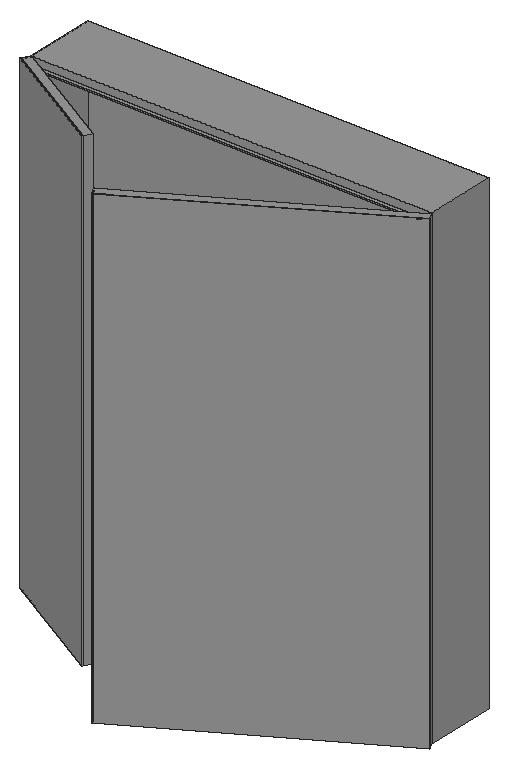
Revit family "Hager-Univers-IP44-D161-Cl.II-FWB-encl--NoHosted-DE-de", category Equipement électrique, Revit 2020
Family settings
  Configuration du panneau = Deux colonnes, circuits au sein
  Cote de connecteur circulaire = Utiliser le diamètre
  Type d'élément = Tableau de raccordement
  Basée sur le plan de construction = Oui
  Toujours verticalement = Oui
  Couper avec des vides une fois chargée = Non
  Partagée = Non
  Point de calcul de pièce = Non
Parameters (values of type "Aufputz IP44 B800 H950 T161  - FWB63D")
  Width Control [instance] = if([EF000008 - Breite] > Min Width, [EF000008 - Breite], Min Width)  # 800 mm
  Commentaires du type = [HG000003 - Bereich]  # "Univers"
  Thickness Door [instance] = if([EF009171 - Materialstärke Tür/Deckel] > 3 mm, 3 mm, [EF009171 - Materialstärke Tür/Deckel])  # 1 mm
  Seal Frame Offset [instance] = 17 mm  # constant formula
  Plinth Visibility [instance] = [HG000027 - Sockelhöhe] > 0 mm  # no
  Min Width [instance] = 100 mm  # constant formula
  Min Depth [instance] = (2 * [EF009170 - Materialstärke Gehäuse]) + 1 mm  # 3 mm
  Min Height [instance] = 100 mm  # constant formula
  Internal Frame Depth [instance] = (Door System Depth * 0.5)  # 9 mm
  Panel Name [instance] = ""  # (empty or 0)
  Model = ""
  HG000027 - Sockelhöhe = 0 mm
  HG000026 - Stehend auf dem Boden = no
  HG000024 - Höhe des unteren Teils = 600 mm
  HG000023 - Gehäuse mit doppeltem Querschnitt = no
  HG000016 - 3D-Türsichtbarkeit [instance] = yes
  HG000015 - Sichtbarkeit der Türöffnung [instance] = no
  HG000014 - Tür rechts [instance] = yes
  HG000013 - Tür links [instance] = not([HG000014 - Tür rechts])  # no
  HG000012 - Türschwenkwinkel [instance] = 30.00°
  HG000010 - Asymmetrische Türen = yes
  HG000009 - Doppelflügeligen Tür = yes
  HG000006 - Unterputz = no
  HG000004 - Herstellerreferenz = "FWB63D"
  HG000003 - Bereich = "Univers"
  HG000002 - Mit tür = yes
  Frame Offset Bottom [instance] = 10 mm  # constant formula
  Frame Offset [instance] = 15 mm  # constant formula
  EF015940 - Deckel mit Überdruckentlastung = no
  EF011959 - Schutzart (NEMA) = ""
  EF009554 - Anzahl der Öffnungen für Flanschplatten = 6
  EF009212 - Ausführung Deckel = "EV000116 - geschlossen"
  EF009171 - Materialstärke Tür/Deckel = 1 mm
  EF009170 - Materialstärke Gehäuse = 1 mm
  EF008873 - Nennstrom (In) = 125 A
  EF007800 - Geeignet für Blitzschutz = no
  EF006306 - Mit Schloss = no
  EF006244 - Transparenter Deckel/Tür = no
  EF005474 - Schutzart (IP) = "EV006418 - IP44"
  EF004464 - Art der Tür = "EV000494 - ohne"
  EF004427 - Anzahl der Module = 216
  EF004293 - Schlagfestigkeit = "EV006815 - IK09"
  EF003532 - Geeignet für Außengebrauch = no
  EF002950 - Breite in Teilungseinheiten = 12
  EF001613 - Funktionserhalt = "EV000494 - ohne"
  EF001596 - Werkstoff des Gehäuses = "EV000179 - Stahl"
  EF001131 - Innentiefe = 156 mm
  EF001088 - Anbaumöglichkeit = yes
  EF000437 - Anzahl der Leitungseinführungen = 12
  EF000339 - Art der Abdeckung = "EV004216 - Tür"
  EF000266 - Anzahl der Reihen = 0
  EF000218 - Einbautiefe = 0 mm
  EF000118 - Mit Montageplatte = no
  EF000116 - RAL-Nummer = "9010"
  EF000049 - Tiefe = 161 mm
  EF000040 - Höhe = 950 mm
  EF000008 - Breite = 800 mm
  EF000007 - Farbe = "EV000202 - weiß"
  EF000003 - Montageart = "EV000384 - Aufputz"
  Door System Leaf Tolerance [instance] = 1.5 mm  # constant formula
  Door System Depth [instance] = 18 mm  # constant formula
  Door Height [instance] = Height Control - [HG000027 - Sockelhöhe]  # 950 mm
  Description = ""
  Default Elevation = 1219.2 mm
  Connector Offset [instance] = Height Control / 2  # 475 mm
  Fabricant = "Hager"  # constant formula
  Height Control [instance] = if([EF000040 - Höhe] > Min Height, [EF000040 - Höhe], Min Height)  # 950 mm
  Depth Control [instance] = if([EF000049 - Tiefe] > Min Depth, [EF000049 - Tiefe], Min Depth)  # 161 mm
  Bottom Top Plate Trim [instance] = 1.5 mm  # constant formula
  Plinth height Ctrl [instance] = if([HG000027 - Sockelhöhe] > 0 mm, [HG000027 - Sockelhöhe], 12 mm)  # 12 mm
Types (21, lengths in mm): name | Width Control | Thickness Door | Min Depth | HG000010 - Asymmetrische Türen | HG000009 - Doppelflügeligen Tür | HG000004 - Herstellerreferenz | HG000002 - Mit tür | EF009554 - Anzahl der Öffnungen für Flanschplatten | EF009212 - Ausführung Deckel | EF009171 - Materialstärke Tür/Deckel | EF009170 - Materialstärke Gehäuse | EF004464 - Art der Tür | EF004427 - Anzahl der Module | EF001131 - Innentiefe | EF000437 - Anzahl der Leitungseinführungen | EF000339 - Art der Abdeckung | EF000266 - Anzahl der Reihen | EF000040 - Höhe | EF000008 - Breite | Door Height | Connector Offset | Height Control
  Aufputz IP44 B1050 H1100 T161  - FWB74D | 1050 | 1 | 3 | no | yes | "FWB74D" | yes | 8 | "EV000116 - geschlossen" | 1 | 1 | "EV000494 - ohne" | 336 | 160 | 16 | "EV000494 - ohne" | 0 | 1100 | 1050 | 1100 | 550 | 1100
  Aufputz IP44 B1050 H500 T161  - FWB34D | 1050 | 1 | 3 | no | yes | "FWB34D" | yes | 8 | "EV000116 - geschlossen" | 1 | 1 | "EV003602 - Doppel" | 144 | 156 | 16 | "EV004216 - Tür" | 0 | 500 | 1050 | 500 | 250 | 500
  Aufputz IP44 B1050 H650 T161  - FWB44D | 1050 | 1 | 3 | no | yes | "FWB44D" | yes | 8 | "EV000116 - geschlossen" | 1 | 1 | "EV003602 - Doppel" | 192 | 156 | 16 | "EV004216 - Tür" | 0 | 650 | 1050 | 650 | 325 | 650
  Aufputz IP44 B1050 H800 T161  - FWB54D | 1050 | 1 | 3 | no | yes | "FWB54D" | yes | 8 | "EV000116 - geschlossen" | 1 | 1 | "EV002646 - Einzel" | 240 | 156 | 16 | "EV004216 - Tür" | 0 | 800 | 1050 | 800 | 400 | 800
  Aufputz IP44 B1050 H950 T161  - FWB64D | 1050 | 1 | 3 | no | yes | "FWB64D" | yes | 8 | "EV000116 - geschlossen" | 1 | 1 | "EV003602 - Doppel" | 288 | 156 | 16 | "EV004216 - Tür" | 0 | 950 | 1050 | 950 | 475 | 950
  Aufputz IP44 B300 H1100 T161  - FWB71D | 300 | 1 | 3 | no | no | "FWB71D" | yes | 2 | "EV000116 - geschlossen" | 1 | 1 | "EV000494 - ohne" | 84 | 160 | 4 | "EV004216 - Tür" | 0 | 1100 | 300 | 1100 | 550 | 1100
  Aufputz IP44 B300 H1250 T161  - FWB81D | 300 | 1 | 3 | no | no | "FWB81D" | yes | 2 | "EV000116 - geschlossen" | 1 | 1 | "EV000494 - ohne" | 12 | 161 | 4 | "EV004216 - Tür" | 8 | 1250 | 300 | 1250 | 625 | 1250
  Aufputz IP44 B300 H650 T161  - FWB41D | 300 | 2 | 5 | no | no | "FWB41D" | yes | 2 | "EV000116 - geschlossen" | 2 | 2 | "EV000494 - ohne" | 48 | 160 | 4 | "EV004216 - Tür" | 0 | 650 | 300 | 650 | 325 | 650
  Aufputz IP44 B300 H800 T161  - FWB51D | 300 | 1 | 3 | no | no | "FWB51D" | yes | 2 | "EV000116 - geschlossen" | 1 | 1 | "EV000494 - ohne" | 60 | 160 | 4 | "EV004216 - Tür" | 0 | 800 | 300 | 800 | 400 | 800
  Aufputz IP44 B300 H950 T161  - FWB61D | 300 | 1 | 3 | no | no | "FWB61D" | yes | 2 | "EV000116 - geschlossen" | 1 | 1 | "EV000494 - ohne" | 72 | 160 | 4 | "EV004216 - Tür" | 0 | 950 | 300 | 950 | 475 | 950
  Aufputz IP44 B550 H1100 T161  - FWB72D | 550 | 1 | 3 | no | no | "FWB72D" | yes | 4 | "EV000116 - geschlossen" | 1 | 1 | "EV000494 - ohne" | 168 | 160 | 8 | "EV004216 - Tür" | 0 | 1100 | 550 | 1100 | 550 | 1100
  Aufputz IP44 B550 H500 T161  - FWB32D | 550 | 2 | 5 | no | no | "FWB32D" | yes | 4 | "EV000116 - geschlossen" | 2 | 2 | "EV002646 - Einzel" | 72 | 156 | 8 | "EV000494 - ohne" | 0 | 500 | 550 | 500 | 250 | 500
  Aufputz IP44 B550 H650 T161  - FWB42D | 550 | 1 | 3 | no | no | "FWB42D" | yes | 4 | "EV000116 - geschlossen" | 1 | 1 | "EV000494 - ohne" | 96 | 160 | 8 | "EV004216 - Tür" | 0 | 650 | 550 | 650 | 325 | 650
  Aufputz IP44 B550 H800 T161  - FWB52D | 550 | 1 | 3 | no | no | "FWB52D" | yes | 4 | "EV000116 - geschlossen" | 1 | 1 | "EV000494 - ohne" | 120 | 160 | 8 | "EV004216 - Tür" | 0 | 800 | 550 | 800 | 400 | 800
  Aufputz IP44 B550 H950 T161  - FWB62D | 550 | 1 | 3 | no | no | "FWB62D" | yes | 4 | "EV000116 - geschlossen" | 1 | 1 | "EV000494 - ohne" | 144 | 160 | 8 | "EV004216 - Tür" | 0 | 950 | 550 | 950 | 475 | 950
  Aufputz IP44 B800 H1100 T161  - FWB73D | 800 | 1 | 3 | yes | yes | "FWB73D" | yes | 6 | "EV000116 - geschlossen" | 1 | 1 | "EV003602 - Doppel" | 252 | 156 | 12 | "EV004216 - Tür" | 0 | 1100 | 800 | 1100 | 550 | 1100
  Aufputz IP44 B800 H1100 T161  - FWB73D1 | 800 | 1 | 5 | no | no | "FWB73D1" | no | 6 | "EV009916 - mit Ausschnitt" | 1 | 2 | "EV000494 - ohne" | 252 | 160 | 12 | "EV004216 - Tür" | 0 | 1100 | 800 | 1100 | 550 | 1100
  Aufputz IP44 B800 H500 T161  - FWB33D | 800 | 1 | 3 | yes | yes | "FWB33D" | yes | 6 | "EV000116 - geschlossen" | 1 | 1 | "EV000494 - ohne" | 108 | 160 | 12 | "EV004216 - Tür" | 0 | 500 | 800 | 500 | 250 | 500
  Aufputz IP44 B800 H650 T161  - FWB43D | 800 | 1 | 5 | yes | yes | "FWB43D" | yes | 6 | "EV009916 - mit Ausschnitt" | 1 | 2 | "EV000494 - ohne" | 144 | 160 | 12 | "EV004216 - Tür" | 0 | 650 | 800 | 650 | 325 | 650
  Aufputz IP44 B800 H800 T161  - FWB53D | 800 | 1 | 5 | yes | yes | "FWB53D" | yes | 6 | "EV000116 - geschlossen" | 1 | 2 | "EV000494 - ohne" | 180 | 160 | 12 | "EV004216 - Tür" | 0 | 800 | 800 | 800 | 400 | 800
  Aufputz IP44 B800 H950 T161  - FWB63D | 800 | 1 | 3 | yes | yes | "FWB63D" | yes | 6 | "EV000116 - geschlossen" | 1 | 1 | "EV000494 - ohne" | 216 | 156 | 12 | "EV004216 - Tür" | 0 | 950 | 800 | 950 | 475 | 950
Reference planes
  plane 1 "Center (Front/Back)": y = 0
  plane 2: z = 0
  plane 3 "Center (Left/Right)": x = 0
  plane 4: y = 0
  plane 5: y = 0
  plane 6: z = 0
  plane 7: x = -400
  plane 8: x = 400
  plane 9: x = 399
  plane 10: x = -399
  plane 11: z = 0
  plane 12: z = 1
  plane 13: y = -161
  plane 14: y = -1
  plane 15: x = 0
  plane 16: y = -143
  plane 17: y = -160
  plane 18: y = -142
  plane 19: x = -384
  plane 20: x = 384
  plane 21: z = 11
  plane 22: x = -383
  plane 23: x = 383
  plane 24: z = 0
  plane 25: z = 950
  plane 26: z = 950
  plane 27: z = 934
  plane 28: z = 949
Forms (mm)
  Extrusion 1, solid, material "Hager_Steel_RAL7035_Light_Grey", detail levels medium+fine
    sketch origin (-208.679, -4572, 0) x (-1, 0, 0) y (0, -1, 0)
      loop
        line (191.321, -4429) -> (-608.679, -4429) -> (-608.679, -4572) -> (191.321, -4572) -> (191.321, -4429)
    from 0 to 950
  Extrusion 2, void
    sketch origin (-350.771, -161, 1219.2) x (1, 0, 0) y (0, 0, 1)
      loop
        line (-48.229, -270.2) -> (-48.229, -1218.2) -> (749.771, -1218.2) -> (749.771, -270.2) -> (-48.229, -270.2)
    from -19 to -160
  Extrusion 3, void
    sketch origin (-290.084, -143, 1219.2) x (1, 0, 0) y (0, 0, 1)
      loop
        line (-93.916, -1208.2) -> (674.084, -1208.2) -> (674.084, -285.2) -> (-93.916, -285.2) -> (-93.916, -1208.2)
    from 0 to -1
  Extrusion 4, solid, material "Hager_Steel_RAL7035_Light_Grey", visible <- "Plinth Visibility", detail levels medium+fine
    sketch origin (0, 0, 0) x (1, 0, 0) y (0, 1, 0)
      loop
        line (-400, 0) -> (-400, -143) -> (400, -143) -> (400, 0) -> (-400, 0)
    from 0 to 12 <- "Plinth height Ctrl"
  Extrusion 5, solid, material "Hager_Steel_RAL7035_Light_Grey", detail levels coarse
    sketch origin (0, 0, 0) x (1, 0, 0) y (0, 1, 0)
      loop
        line (-400, 0) -> (-400, -161) -> (400, -161) -> (400, 0) -> (-400, 0)
    from 0 to 950 <- "Height Control"
  Sweep 6, void
    path in 3D
      loop
        line (-400, -143, 12) -> (400, -143, 12) -> (400, 0, 12) -> (-400, 0, 12) -> (-400, -143, 12)
    profile origin (-400, -71.5, 12) x (1, 0, 0) y (0, 0, 1)
      loop
        line (0, 0) -> (0, -1.5) -> (1.5, -1.5)
        arc (1.5, -1.5) -> (1.061, -0.439) -> (0, 0) r 1.5
  Extrusion 7, solid, material "Hager_Steel_RAL7035_Light_Grey", detail levels fine
    sketch origin (-400, -143, 0) x (1, 0, 0) y (0, 0, 1)
      loop
        line (16, 11) -> (784, 11) -> (784, 934) -> (16, 934) -> (16, 11)
      loop
        line (15, 10) -> (785, 10) -> (785, 935) -> (15, 935) -> (15, 10)
    from 0 to 9 <- "Internal Frame Depth"
Cuts and joins
  Extrusion 2, Extrusion 3 cuts Extrusion 1
  Sweep 6 cuts Extrusion 4
Lines and regions (mm)
  Masking region 1
    outline origin (0, 0, 0) x (1, 0, 0) y (0, 1, 0)
      loop
        line (-400, 0) -> (-400, -161) -> (400, -161) -> (400, 0) -> (-400, 0)
  Masking region 2, detail levels coarse
    outline origin (-290.084, -143, 1219.2) x (-1, 0, 0) y (0, 0, 1)
      loop
        line (-690.084, -1219.2) -> (109.916, -1219.2) -> (109.916, -269.2) -> (-690.084, -269.2) -> (-690.084, -1219.2)
  Masking region 3, detail levels coarse
    outline origin (0, 0, 0) x (0, 1, 0) y (0, 0, 1)
      loop
        line (0, 0) -> (0, 950) -> (-161, 950) -> (-161, 0) -> (0, 0)
  Masking region 4, visible <- "Plinth Visibility", detail levels medium+fine
    outline origin (0, 0, 0) x (0, 1, 0) y (0, 0, 1)
      loop
        line (-1.5, 12) -> (-141.5, 12)
        arc (-141.5, 12) -> (-141.939, 10.939) -> (-143, 10.5) r 1.5
        line (-143, 10.5) -> (-143, 0) -> (0, 0) -> (0, 10.5)
        arc (0, 10.5) -> (-1.061, 10.939) -> (-1.5, 12) r 1.5
  Masking region 5, detail levels medium+fine
    outline origin (0, 0, 594.038) x (0, 1, 0) y (0, 0, 1)
      loop
        line (0, -594.038) -> (0, 355.962) -> (-143, 355.962) -> (-143, -594.038) -> (0, -594.038)
  Masking region 6, detail levels medium+fine
    outline origin (-359.7, -143, 1211.883) x (-1, 0, 0) y (0, 0, 1)
      loop
        line (-759.7, -1211.883) -> (40.3, -1211.883) -> (40.3, -261.883) -> (-759.7, -261.883) -> (-759.7, -1211.883)
  Masking region 7, visible <- "Plinth Visibility", detail levels medium+fine
    outline origin (-320.334, -143, 1041.368) x (-1, 0, 0) y (0, 0, 1)
      loop
        line (-720.334, -1041.368) -> (79.666, -1041.368) -> (79.666, -1030.868)
        arc (79.666, -1030.868) -> (78.606, -1030.429) -> (78.166, -1029.368) r 1.5
        line (78.166, -1029.368) -> (-718.834, -1029.368)
        arc (-718.834, -1029.368) -> (-719.273, -1030.429) -> (-720.334, -1030.868) r 1.5
        line (-720.334, -1030.868) -> (-720.334, -1041.368)
  sketch lines
    curve 1: line (-400, 0, 12) -> (-400, -143, 12)
    curve 2: line (-400, -143, 12) -> (400, -143, 12)
    curve 3: line (400, 0, 12) -> (-400, 0, 12)
    curve 4: line (400, -143, 12) -> (400, 0, 12)
Dimensions and locks
  locked: plane 1 "Center (Front/Back)" to plane 5
  "EF009170 - Materialstärke Gehäuse": plane 7 to plane 10
  "EF009170 - Materialstärke Gehäuse": plane 8 to plane 9
  equal spacing: plane 7, plane 3 "Center (Left/Right)", plane 8
  "Width Control": plane 7 to plane 8
  "Depth Control": plane 4 to plane 13
  "EF009170 - Materialstärke Gehäuse": plane 4 to plane 14
  "Height Control": plane 25 to level
  "HG000027 - Sockelhöhe": plane 11 to level
  "EF009170 - Materialstärke Gehäuse": plane 12 to plane 11
  "EF009170 - Materialstärke Gehäuse": plane 17 to plane 13
  "EF009170 - Materialstärke Gehäuse": plane 18 to plane 16
  "Frame Offset Bottom": plane 21 to plane 12
  "Frame Offset": plane 10 to plane 19
  "Frame Offset": plane 9 to plane 20
  "Door System Depth": plane 16 to plane 13
  "Seal Frame Offset": plane 7 to plane 22
  "Seal Frame Offset": plane 8 to plane 23
  "EF009170 - Materialstärke Gehäuse": plane 26 to plane 28
  "Frame Offset": plane 28 to plane 27
  "Connector Offset": plane 2 to connector elem
  "Bottom Top Plate Trim": profile plane to Sweep 6 sketch curve
  "Bottom Top Plate Trim": Sweep 6 sketch curve to Sweep 6 sketch curve
  "Plinth height Ctrl": Masking region 4 sketch curve to level
  "Plinth height Ctrl": Masking region 7 sketch curve to level
  "Thickness Door": Extrusion 7 sketch curve to Extrusion 7 sketch curve  (x4)
  "Bottom Top Plate Trim": radius of Sweep 6 sketch curve
  "Bottom Top Plate Trim": radius of Masking region 4 sketch curve  (x2)
  "Bottom Top Plate Trim": radius of Masking region 7 sketch curve  (x2)
  aligned and locked: Extrusion 2 sketch curve to plane 12
  aligned and locked: Extrusion 2 sketch curve to plane 9
  aligned and locked: Extrusion 2 sketch curve to plane 10
  aligned and locked: Extrusion 2 to plane 14
  aligned and locked: Extrusion 1 sketch curve to plane 4
  aligned and locked: plane 8 to Extrusion 1 sketch curve
  aligned and locked: plane 7 to Extrusion 1 sketch curve
  aligned and locked: Extrusion 2 to plane 18
  aligned and locked: Extrusion 3 sketch curve to plane 19
  aligned and locked: plane 20 to Extrusion 3 sketch curve
  aligned and locked: Extrusion 3 to Extrusion 2
  aligned and locked: Extrusion 3 sketch curve to plane 21
  aligned and locked: plane 3 "Center (Left/Right)" to nested 1
  aligned and locked: Extrusion 1 sketch curve to plane 16
  aligned and locked: Extrusion 4 sketch curve to cut or joined group of Extrusion 1, Extrusion 2, Extrusion 3
  aligned and locked: Masking region 1 sketch curve to plane 7
  aligned and locked: Masking region 1 sketch curve to plane 5
  aligned and locked: Masking region 1 sketch curve to plane 8
  aligned and locked: Masking region 2 sketch curve to level
  aligned and locked: level to Masking region 3 sketch curve
  aligned and locked: plane 1 "Center (Front/Back)" to Masking region 3 sketch curve
  aligned and locked: plane 13 to Masking region 3 sketch curve
  aligned and locked: plane 5 to Masking region 4 sketch curve
  aligned and locked: Masking region 2 sketch curve to plane 8
  aligned and locked: Masking region 2 sketch curve to plane 7
  aligned and locked: plane 7 to nested 2
  aligned and locked: nested 2 to plane 5
  aligned and locked: plane 5 to Masking region 5 sketch curve
  aligned and locked: plane 26 to Masking region 5 sketch curve
  aligned and locked: Extrusion 5 sketch curve to plane 8
  aligned and locked: Extrusion 5 sketch curve to plane 7
  aligned and locked: Extrusion 5 sketch curve to plane 5
  aligned and locked: Extrusion 3 sketch curve to plane 27
  aligned and locked: Extrusion 2 sketch curve to plane 28
  aligned and locked: Masking region 2 to plane 25
  aligned and locked: Extrusion 4 to plane 16
  aligned and locked: profile plane to Sweep 6 sketch curve
  aligned and locked: Masking region 5 sketch curve to plane 24
  aligned and locked: level to Masking region 4 sketch curve
  aligned and locked: Masking region 1 to plane 13
  aligned and locked: nested 1 to plane 16
  aligned and locked: Masking region 3 to plane 25
  aligned and locked: plane 16 to Masking region 4 sketch curve
  aligned and locked: Masking region 5 sketch curve to plane 16
  aligned and locked: plane 24 to plane 11
  aligned and locked: plane 26 to plane 25
  aligned and locked: plane 26 to cut or joined group of Extrusion 1, Extrusion 2, Extrusion 3
  aligned and locked: nested 1 to plane 24
  aligned and locked: Extrusion 1 to Extrusion 3
  aligned and locked: Masking region 6 sketch curve to plane 8
  aligned and locked: Masking region 6 sketch curve to plane 24
  aligned and locked: Masking region 6 sketch curve to plane 7
  aligned and locked: Masking region 6 sketch curve to plane 26
  aligned and locked: Masking region 7 sketch curve to plane 7
  aligned and locked: level to Masking region 7 sketch curve
  aligned and locked: Masking region 7 sketch curve to plane 8
  aligned and locked: Extrusion 7 sketch curve to cut or joined group of Extrusion 1, Extrusion 2, Extrusion 3  (x4)
Automatic sketch dimensions
  plane 19 to Extrusion 3 sketch curve = 0 mm
  Extrusion 3 sketch curve to plane 20 = 0 mm
  Extrusion 3 sketch curve to plane 21 = 0 mm
  Extrusion 4 sketch curve to plane 7 = 0 mm
  Extrusion 4 sketch curve to plane 8 = 0 mm
  Extrusion 4 sketch curve to plane 16 = 0 mm
  Masking region 1 sketch curve to plane 13 = 0 mm
  Masking region 2 sketch curve to plane 25 = 0 mm
  Masking region 3 sketch curve to plane 25 = 0 mm
  Extrusion 5 sketch curve to plane 13 = 0 mm
  profile plane to Sweep 6 sketch curve = 0 mm
Nested families
  nested 1: "EC000058_Univers_Door" at (0, -143, 0), Double <- "HG000009 - Doppelflügeligen Tür", Transparent <- "EF006244 - Transparenter Deckel/Tür", Angle <- "HG000012 - Türschwenkwinkel", Door_Right <- "HG000014 - Tür rechts", Assymetrical <- "HG000010 - Asymmetrische Türen", Door <- "HG000002 - Mit tür", Width_Ctrl <- "Width Control", 3d_Door <- "HG000016 - 3D-Türsichtbarkeit", Clearance <- "HG000015 - Sichtbarkeit der Türöffnung", Door_Left <- "HG000013 - Tür links", Width <- "Width Control", Door_Depth <- "Door System Depth", Leaf_Tolerance <- "Door System Leaf Tolerance", Height <- "Door Height", Lock_Visibility <- "EF006306 - Mit Schloss", Thickness <- "Thickness Door", type "EC000058_Univers_Door", detail levels medium+fine
    with min_wh 3 mm, Width_Ctrl 800 mm, Width 800 mm, Transparent no, Thickness 1 mm, Seal_Material Hager_Rubber, Lock_Visibility no, Lock_Material Hager_Plastic_RAL9005_Jet_Black, Leaf_Width 800 mm, Leaf_Tolerance_External_Sides 0 mm, Leaf_Tolerance 1.5 mm, Leaf_Offset 0 mm, Leaf_Height 947 mm, Leaf_2_Width 532.583 mm, Leaf_2_Offset 266.292 mm, Leaf_1_Width 265.917 mm, Leaf_1_Offset 132.958 mm, Height_Ctrl 950 mm, Height 950 mm, Glass_Material Hager_Glass, Double_Clearance_Ctrl no, Double yes, Door_Right_Ctrl yes, Door_Right yes, Door_Material Hager_Steel_RAL7035_Light_Grey, Door_Left_Ctrl yes, Door_Left no, Door_Depth 18 mm, Door yes, Clearance_Material Hager_Clearance, Clearance_Depth 532.583 mm, Clearance_Ctrl no, Clearance no, Assymetrical yes, Angle 30.00°, 3d_Door yes
  nested 2: "Hager_Enclosure_Symbol" at (-400, 0, 0), Height <- "Depth Control", Width <- "Width Control", type "Hager_Enclosure_Symbol"
    with Width_Ctrl 800 mm, Width 800 mm, Height_Ctrl 161 mm, Height 161 mm, A_Width_Int 10.566 mm, A_Width 126.788 mm, A_Height_Ctrl 140.875 mm, A_Height 140.875 mm
Connectors
  electrical at (0, 0, 475)
    settings: on plane 1 "Center (Front/Back)", index 1, voltage 0 V, apparent load 0 VA, apparent load phase1 0 VA, apparent load phase2 0 VA, apparent load phase3 0 VA, power factor 1, load classification "Other", number of poles 1, system type 30, power factor state 1, is connector primary yes, connector utility no, sub classification motor no, connector description ""
Definition of nested family "EC000058_Univers_Door"
  Parameters (values of type "EC000058_Univers_Door")
    min_wh [instance] = (2 * Thickness) + 1 mm  # 11 mm
    Width_Ctrl [instance] = 400 mm
    Width [instance] = 500 mm
    Transparent [instance] = yes
    Thickness [instance] = 5 mm
    Seal_Material [instance] = none
    Lock_Visibility [instance] = yes
    Lock_Material [instance] = none
    Leaf_Width [instance] = if((Width_Ctrl - 2 * Leaf_Tolerance_External_Sides) > 0 mm, (Width_Ctrl - 2 * Leaf_Tolerance_External_Sides), min_wh)  # 400 mm
    Leaf_Tolerance_External_Sides [instance] = 0 mm  # constant formula
    Leaf_Tolerance [instance] = 1.5 mm
    Leaf_Offset [instance] = 0 mm  # constant formula
    Leaf_Height [instance] = if((Height_Ctrl - 2 * Leaf_Tolerance) > 0 mm, (Height_Ctrl - 2 * Leaf_Tolerance), min_wh)  # 497 mm
    Leaf_2_Width [instance] = if(and(and(Double, Assymetrical), Door_Left), (Leaf_Width / 3) - (Leaf_Tolerance / 2), if(and(and(Double, Assymetrical), Door_Right), (Leaf_Width / 3) * 2 - (Leaf_Tolerance / 2), if(and(Double, not(Assymetrical)), (Leaf_Width / 2) - Leaf_Tolerance, Leaf_Width)))  # 400 mm
    Leaf_2_Offset [instance] = if(and(Double, Assymetrical), Leaf_2_Width / 2, if(and(Double, not(Assymetrical)), Leaf_Width / 4, Leaf_Width / 2))  # 200 mm
    Leaf_1_Width [instance] = if(and(and(Double, Assymetrical), Door_Right), (Leaf_Width / 3) - (Leaf_Tolerance / 2), if(and(and(Double, Assymetrical), Door_Left), (Width / 3) * 2 - (Leaf_Tolerance / 2), if(and(Double, not(Assymetrical)), (Leaf_Width / 2) - Leaf_Tolerance, Leaf_Width)))  # 400 mm
    Leaf_1_Offset [instance] = if(and(Double, Assymetrical), Leaf_1_Width / 2, if(and(Double, not(Assymetrical)), Leaf_Width / 4, Leaf_Width / 2))  # 200 mm
    Height_Ctrl [instance] = if(Height > min_wh, Height, min_wh)  # 500 mm
    Height [instance] = 500 mm
    Glass_Material [instance] = none
    Double_Clearance_Ctrl [instance] = and(Double, Clearance)  # no
    Double [instance] = no
    Door_Right_Ctrl [instance] = and(or(Door_Right, Double), Door)  # yes
    Door_Right [instance] = yes
    Door_Material [instance] = none
    Door_Left_Ctrl [instance] = and(or(Door_Left, Double), Door)  # no
    Door_Left [instance] = no
    Door_Depth [instance] = 30 mm
    Door [instance] = yes
    Default Elevation = 1219.2 mm
    Clearance_Material [instance] = none
    Clearance_Depth [instance] = if(Leaf_1_Width > Leaf_2_Width, Leaf_1_Width, Leaf_2_Width)  # 400 mm
    Clearance_Ctrl [instance] = and(not(Double), Clearance)  # yes
    Clearance [instance] = yes
    Assymetrical [instance] = yes
    Angle [instance] = 30.00°
    3d_Door [instance] = yes
  Reference planes
    plane 1 "Center (Front/Back)": y = 0
    plane 2 "Bottom": z = 0
    plane 3 "Center (Left/Right)": x = 0
    plane 4: z = 500
    plane 5: x = -200
    plane 6: x = 200
    plane 7: z = 500
    plane 8: x = -200
    plane 9: z = 0
    plane 10: x = 200
    plane 11: y = 0
    plane 12: z = 1.5
    plane 13: x = -600
    plane 14: y = -400
    plane 15: x = 600
    plane 16: x = 0
    plane 17: x = 0
    plane 18: x = -200
    plane 19: x = 200
    plane 20: z = 498.5
  Forms (mm)
    Extrusion 1, solid, material <- "Clearance_Material", visible <- "Double_Clearance_Ctrl"
      sketch origin (1200, 0, 0) x (1, 0, 0) y (0, 0, -1)
        loop
          line (-1800, -498.5) -> (-600, -498.5) -> (-600, 0) -> (-1800, 0) -> (-1800, -498.5)
      from 0 to -400
  Dimensions and locks
    equal spacing: plane 5, plane 3 "Center (Left/Right)", plane 6
    "Width_Ctrl": plane 5 to plane 6
    "Leaf_Offset": plane 5 to plane 8
    "Leaf_Offset": plane 6 to plane 10
    "Leaf_Offset": plane 9 to level
    "Leaf_Offset": plane 4 to plane 7
    "Height_Ctrl": plane 4 to level
    "Leaf_Tolerance": plane 12 to plane 9
    locked: plane 11 to plane 1 "Center (Front/Back)"
    "Leaf_1_Offset": plane 18 to plane 16
    "Leaf_2_Offset": plane 17 to plane 19
    "Leaf_1_Width": plane 13 to plane 8
    "Leaf_2_Width": plane 10 to plane 15
    "Clearance_Depth": plane 14 to plane 1 "Center (Front/Back)"
    "Leaf_Tolerance_External_Sides": plane 8 to plane 18
    "Leaf_Tolerance_External_Sides": plane 19 to plane 10
    "Leaf_Tolerance": plane 7 to plane 20
    aligned and locked: level to plane 2 "Bottom"
    aligned and locked: nested 1 to plane 16
    aligned and locked: nested 2 to plane 17
    aligned and locked: Extrusion 1 to plane 13
    aligned and locked: plane 15 to Extrusion 1
    aligned and locked: Extrusion 1 to plane 14
    aligned and locked: plane 12 to nested 1
    aligned and locked: nested 2 to plane 12
    aligned and locked: Extrusion 1 to plane 11
    aligned and locked: plane 20 to Extrusion 1
    aligned and locked: nested 2 to plane 11
    aligned and locked: nested 1 to plane 11
  Automatic sketch dimensions
    Extrusion 1 sketch curve to level = 0 mm
    plane 5 to Extrusion 1 sketch curve = 400 mm
    plane 6 to Extrusion 1 sketch curve = 400 mm
    Extrusion 1 sketch curve to plane 4 = 1.5 mm
  Nested families
    nested 1: "EC000058_Univers_Door_Leaf" at (0, 0, 1.5), Width <- "Leaf_1_Width", visible <- "Door_Left_Ctrl", Leaf_Height <- "Leaf_Height", Angle <- "Angle", 3d_Door <- "3d_Door", Transparent <- "Transparent", Clearance Material <- "Clearance_Material", Clearance <- "Clearance_Ctrl", Door_Material <- "Door_Material", Glass_Material <- "Glass_Material", Door_Depth <- "Door_Depth", Lock_Material <- "Lock_Material", Seal_Material <- "Seal_Material", Lock_Visibility <- "Lock_Visibility", Thickness <- "Thickness", type "EC000058_Univers_Door_Leaf"
      with Width 400 mm, Transparent_Glass_Offset 30 mm, Transparent_Ctrl yes, Transparent yes, Thickness 5 mm, Standard no, Seal_Material none, Seal_D2 8 mm, Seal_D1 1 mm, Offset_Internal_Frame 10 mm, Lock_Width 20 mm, Lock_Visibility_3d yes, Lock_Visibility yes, Lock_Thickness_3 3 mm, Lock_Thickness_2 1 mm, Lock_Thickness_1 3 mm, Lock_Radius_Offset_2 16 mm, Lock_Radius_Offset_1 15 mm, Lock_Radius_2 5 mm, Lock_Radius 6 mm, Lock_Offset 5 mm, Lock_Material none, Lock_Height 80 mm, Lock_Cover_Top_Offset_2d 17 mm, Lock_Cover_Height -65 mm, Leaf_Height 497 mm, Internal_Seal_Thickness 8 mm, Internal_Seal_Depth_2 4.5 mm, Internal_Frame_Depth 25 mm, Glass_Thickness -1 mm, Glass_Offset -2 mm, Glass_Material none, Door_Material none, Door_Depth 30 mm, Clearance Material none, Clearance yes, Angle_Ctrl 30.00°, Angle 30.00°, 3d_Door yes
    nested 2: "EC000058_Univers_Door_Leaf" at (0, 0, 1.5) x (-1, 0, 0) z (0, 0, 1), Width <- "Leaf_2_Width", visible <- "Door_Right_Ctrl", Leaf_Height <- "Leaf_Height", Angle <- "Angle", 3d_Door <- "3d_Door", Transparent <- "Transparent", Clearance Material <- "Clearance_Material", Clearance <- "Clearance_Ctrl", Door_Material <- "Door_Material", Glass_Material <- "Glass_Material", Door_Depth <- "Door_Depth", Lock_Material <- "Lock_Material", Seal_Material <- "Seal_Material", Lock_Visibility <- "Lock_Visibility", Thickness <- "Thickness", type "EC000058_Univers_Door_Leaf"
      with Width 400 mm, Transparent_Glass_Offset 30 mm, Transparent_Ctrl yes, Transparent yes, Thickness 5 mm, Standard no, Seal_Material none, Seal_D2 8 mm, Seal_D1 1 mm, Offset_Internal_Frame 10 mm, Lock_Width 20 mm, Lock_Visibility_3d yes, Lock_Visibility yes, Lock_Thickness_3 3 mm, Lock_Thickness_2 1 mm, Lock_Thickness_1 3 mm, Lock_Radius_Offset_2 16 mm, Lock_Radius_Offset_1 15 mm, Lock_Radius_2 5 mm, Lock_Radius 6 mm, Lock_Offset 5 mm, Lock_Material none, Lock_Height 80 mm, Lock_Cover_Top_Offset_2d 17 mm, Lock_Cover_Height -65 mm, Leaf_Height 497 mm, Internal_Seal_Thickness 8 mm, Internal_Seal_Depth_2 4.5 mm, Internal_Frame_Depth 25 mm, Glass_Thickness -1 mm, Glass_Offset -2 mm, Glass_Material none, Door_Material none, Door_Depth 30 mm, Clearance Material none, Clearance yes, Angle_Ctrl 30.00°, Angle 30.00°, 3d_Door yes
  Definition of nested family "EC000058_Univers_Door_Leaf"
    Parameters (values of type "EC000058_Univers_Door_Leaf")
      Width [instance] = 2000 mm
      Transparent_Glass_Offset [instance] = 30 mm
      Transparent_Ctrl [instance] = and(Transparent, [3d_Door])  # yes
      Transparent [instance] = yes
      Thickness [instance] = 5 mm
      Standard [instance] = and(not(Transparent), [3d_Door])  # no
      Seal_Material [instance] = none
      Seal_D2 [instance] = 8 mm  # constant formula
      Seal_D1 [instance] = 1 mm  # constant formula
      Offset_Internal_Frame [instance] = 10 mm  # constant formula
      Lock_Width [instance] = 20 mm  # constant formula
      Lock_Visibility_3d [instance] = and(Lock_Visibility, [3d_Door])  # yes
      Lock_Visibility [instance] = yes
      Lock_Thickness_3 [instance] = 3 mm  # constant formula
      Lock_Thickness_2 [instance] = 1 mm  # constant formula
      Lock_Thickness_1 [instance] = 3 mm  # constant formula
      Lock_Radius_Offset_2 [instance] = Lock_Radius_Offset_1 + 1 mm  # 16 mm
      Lock_Radius_Offset_1 [instance] = 15 mm  # constant formula
      Lock_Radius_2 [instance] = Lock_Radius - 1 mm  # 5 mm
      Lock_Radius [instance] = 6 mm  # constant formula
      Lock_Offset [instance] = 5 mm  # constant formula
      Lock_Material [instance] = none
      Lock_Height [instance] = 80 mm  # constant formula
      Lock_Cover_Top_Offset_2d [instance] = Lock_Radius_Offset_2 + 1 mm  # 17 mm
      Lock_Cover_Height [instance] = -(Lock_Height - Lock_Radius_Offset_1)  # -65 mm
      Leaf_Height [instance] = 2720.336 mm
      Internal_Seal_Thickness [instance] = 8 mm  # constant formula
      Internal_Seal_Depth_2 [instance] = 4.5 mm  # constant formula
      Internal_Frame_Depth [instance] = if(Door_Depth - Thickness > 5 mm, Door_Depth - Thickness, 5 mm)  # 25 mm
      Glass_Thickness [instance] = if(Thickness > 15 mm, Glass_Offset + 10 mm, -1 mm)  # -1 mm
      Glass_Offset [instance] = if(Thickness > 15 mm, -(Thickness + 10 mm) / 2, -2 mm)  # -2 mm
      Glass_Material [instance] = none
      Door_Material [instance] = none
      Door_Depth [instance] = 30 mm
      Default Elevation = 0 mm
      Clearance Material [instance] = none
      Clearance [instance] = yes
      Angle_Ctrl [instance] = if(Angle > 180.00°, 180.00°, Angle)  # 90.00°
      Angle [instance] = 90.00°
      3d_Door [instance] = yes
    Reference planes
      plane 1 "Center (Front/Back)": y = 0
      plane 2: z = 0
      plane 3 "Center (Left/Right)": x = 0
      plane 4: y = 2000
      plane 5: x = -1000
      plane 6: x = 1000
      plane 7: x = -3000
      plane 8: z = 2720.336
      plane 9: z = 30
      plane 10: z = 2690.336
      plane 11: x = 970
      plane 12: x = -970
      plane 13: y = -3
      plane 14: z = 107.833
      plane 15: y = -5
      plane 16: y = -223.314
      plane 17: x = -1000
      plane 18: z = 1360.168
      plane 19: y = 30
    Forms (mm)
      Extrusion 1, solid, material <- "Clearance Material", visible <- "Clearance"
        sketch origin (0, 0, 0) x (1, 0, 0) y (0, 0, 1)
          loop
            line (-3000, 2720.336) -> (-3000, 0) -> (1000, 0) -> (1000, 2720.336) -> (-3000, 2720.336)
        from 0 to -2000
      Extrusion 2, solid, material <- "Door_Material", visible <- "Standard", detail levels medium+fine
        sketch origin (-1000, 0, 0) x (0, 1, 0) y (-1, 0, 0)
          loop
            line (0, 30) -> (0, 25) -> (2000, 25) -> (2000, 30) -> (0, 30)
        from 0 to 2720.336 <- "Leaf_Height"
      Extrusion 3, solid, material <- "Door_Material", visible <- "Transparent_Ctrl", detail levels medium+fine
        sketch origin (-1000, 0, 0) x (0, 1, 0) y (-1, 0, 0)
          loop
            line (0, 25) -> (2000, 25) -> (2000, 30) -> (0, 30) -> (0, 25)
        from 0 to 2720.336 <- "Leaf_Height"
      Extrusion 4, void
        sketch origin (-1025, 2000, 0) x (0, 1, 0) y (0, 0, -1)
          loop
            line (-30, -2690.336) -> (-30, -30) -> (-1970, -30) -> (-1970, -2690.336) -> (-30, -2690.336)
        from 0 to 5 <- "Thickness"
      Sweep 5, solid, material <- "Seal_Material", visible <- "Transparent_Ctrl", detail levels fine
        path in 3D
          loop
            line (-1025, 30, 30) -> (-1025, 30, 2690.336) -> (-1025, 1970, 2690.336) -> (-1025, 1970, 30) -> (-1025, 30, 30)
        profile origin (-1025, 1000, 30) x (1, 0, 0) y (0, 0, 1)
          loop
            line (0, 0) -> (0, -8) -> (1, -8) -> (1, 0) -> (0, 0)
      Extrusion 6, solid, material <- "Glass_Material", visible <- "Transparent_Ctrl", detail levels medium+fine
        sketch origin (-1030, 0, 0) x (0, 1, 0) y (0, 0, -1)
          loop
            line (1970, -2690.336) -> (1970, -30) -> (30, -30) -> (30, -2690.336) -> (1970, -2690.336)
        from -2 <- "Glass_Offset" to -1 <- "Glass_Thickness"
      Extrusion 7, solid, material <- "Door_Material", visible <- "3d_Door", detail levels medium+fine
        sketch origin (-1025, 2000, 0) x (0, -1, 0) y (0, 0, -1)
          loop
            line (0, -2720.336) -> (2000, -2720.336) -> (2000, 0) -> (0, 0) -> (0, -2720.336)
          loop
            line (1995, -5) -> (5, -5) -> (5, -2715.336) -> (1995, -2715.336) -> (1995, -5)
        from 0 to 25 <- "Internal_Frame_Depth"
      Sweep 8, solid, material <- "Seal_Material", visible <- "Transparent_Ctrl", detail levels fine
        path in 3D
          loop
            line (-1025, 0, 0) -> (-1025, 2000, 0) -> (-1025, 2000, 2720.336) -> (-1025, 0, 2720.336) -> (-1025, 0, 0)
        profile origin (-1025, 0, 1360.168) x (1, 0, 0) y (0, 1, 0)
          loop
            line (0, 10) -> (2.975, 10)
            arc (2.975, 10) -> (4.053, 10.447) -> (4.5, 11.525) r 1.525
            line (4.5, 11.525) -> (4.5, 16.527)
            arc (4.5, 16.527) -> (4.069, 17.569) -> (3.027, 18) r 1.473
            line (3.027, 18) -> (0, 18) -> (0, 10)
      Extrusion 9, solid, material <- "Lock_Material", visible <- "Lock_Visibility_3d", detail levels fine
        sketch origin (-1030, 0, 0) x (0, 1, 0) y (0, 0, -1)
          loop
            arc (1993.5, -1400.168) -> (1994.561, -1399.729) -> (1995, -1398.668) r 1.5
            line (1995, -1398.668) -> (1995, -1320.168) -> (1975, -1320.168) -> (1975, -1398.668)
            arc (1975, -1398.668) -> (1975.439, -1399.729) -> (1976.5, -1400.168) r 1.5
            line (1976.5, -1400.168) -> (1993.5, -1400.168)
        from 3 <- "Lock_Thickness_1" to 0
      Blend 10, solid, material <- "Lock_Material", visible <- "Lock_Visibility_3d", detail levels fine
        base sketch origin (-1033, 0, 0) x (0, 1, 0) y (0, 0, -1)
          loop
            line (1975, -1320.168) -> (1975, -1398.668)
            arc (1975, -1398.668) -> (1975.439, -1399.729) -> (1976.5, -1400.168) r 1.5
            line (1976.5, -1400.168) -> (1993.5, -1400.168)
            arc (1993.5, -1400.168) -> (1994.561, -1399.729) -> (1995, -1398.668) r 1.5
            line (1995, -1398.668) -> (1995, -1320.168) -> (1975, -1320.168)
        top sketch origin (-1033, 0, 0) x (0, 1, 0) y (0, 0, -1)
          loop
            line (1976, -1320.168) -> (1976, -1398.668)
            arc (1976, -1398.668) -> (1976.146, -1399.022) -> (1976.5, -1399.168) r 0.5
            line (1976.5, -1399.168) -> (1993.5, -1399.168)
            arc (1993.5, -1399.168) -> (1993.854, -1399.022) -> (1994, -1398.668) r 0.5
            line (1994, -1398.668) -> (1994, -1320.168) -> (1976, -1320.168)
        from 0 to 1 <- "Lock_Thickness_2"
      Blend 11, solid, material <- "Lock_Material", visible <- "Lock_Visibility_3d", detail levels fine
        base sketch origin (-1034, 0, 0) x (0, 1, 0) y (0, 0, -1)
          loop
            line (1978, -1320.168) -> (1978, -1384.168)
            arc (1978, -1384.168) -> (1985, -1391.168) -> (1992, -1384.168) r 7
            line (1992, -1384.168) -> (1992, -1320.168) -> (1978, -1320.168)
        top sketch origin (-1034, 0, 0) x (0, 1, 0) y (0, 0, -1)
          loop
            line (1991, -1320.168) -> (1979, -1320.168) -> (1979, -1383.168)
            arc (1979, -1383.168) -> (1985, -1389.168) -> (1991, -1383.168) r 6
            line (1991, -1383.168) -> (1991, -1320.168)
        from 0 to 3 <- "Lock_Thickness_3"
      Extrusion 12, solid, material <- "Lock_Material", visible <- "Lock_Visibility_3d", detail levels fine
        sketch origin (-1030, 1975, 1320.168) x (1, 0, 0) y (0, -1, 0)
          loop
            line (-7, -19) -> (-7, -1) -> (0, -1) -> (0, 0) -> (-8, 0) -> (-8, -20) -> (0, -20) -> (0, -19) -> (-7, -19)
        from 0 to -65 <- "Lock_Cover_Height"
      Extrusion 13, void
        sketch origin (-1038, 1995, 1320.168) x (-1, 0, 0) y (0, 0, -1)
          loop
            line (-5, -65) -> (0, -65) -> (-5, -60) -> (-5, -65)
        from 0 to 20 <- "Lock_Width"
      Extrusion 14, void
        sketch origin (-1038, 1975, 1320.168) x (0, -1, 0) y (0, 0, -1)
          loop
            circle (-10, -15.995) r 6
          loop
            circle (-10, -15.995) r 5
        from 0 to 2
      Extrusion 15, solid, material <- "Lock_Material", visible <- "Lock_Visibility_3d", detail levels medium
        sketch origin (-1030, 0, 0) x (0, 1, 0) y (0, 0, -1)
          loop
            arc (1993.5, -1400.168) -> (1994.561, -1399.729) -> (1995, -1398.668) r 1.5
            line (1995, -1398.668) -> (1995, -1320.168) -> (1975, -1320.168) -> (1975, -1398.668)
            arc (1975, -1398.668) -> (1975.439, -1399.729) -> (1976.5, -1400.168) r 1.5
            line (1976.5, -1400.168) -> (1993.5, -1400.168)
        from 8 to 0
    Cuts and joins
      Extrusion 4 cuts Extrusion 3
      Extrusion 13, Extrusion 14 cuts Extrusion 9
      Extrusion 14 cuts Blend 11
      Extrusion 13, Extrusion 14 cuts Extrusion 12
      joined: Extrusion 9, Blend 10, Blend 11, Extrusion 12
      Extrusion 14 cuts Extrusion 15
    Lines and regions (mm)
      Masking region 1, visible <- "Lock_Visibility", detail levels fine
        outline origin (0, 0, 0) x (0, 1, 0) y (0, 0, 1)
          loop
            line (30, 1320.168) -> (33, 1320.168) -> (33, 1400.168) -> (30, 1400.168) -> (30, 1320.168)
      Masking region 2, visible <- "Lock_Visibility", detail levels fine
        outline origin (0, 3.143, 0) x (0, 1, 0) y (0, 0, 1)
          loop
            line (29.857, 1354.168) -> (30.857, 1354.168) -> (30.857, 1366.168) -> (29.857, 1366.168) -> (29.857, 1354.168)
      Masking region 3, detail levels medium+fine
        outline origin (0, 0, 0) x (0, 1, 0) y (0, 0, 1)
          loop
            line (0, 0) -> (30, 0) -> (30, 2720.336) -> (0, 2720.336) -> (0, 0)
      Masking region 4, detail levels medium+fine
        outline origin (0, 0, 0) x (1, 0, 0) y (0, 0, 1)
          loop
            line (-1000, 2720.336) -> (-1000, 0) -> (1000, 0) -> (1000, 2720.336) -> (-1000, 2720.336)
      Masking region 5, visible <- "Lock_Visibility", detail levels fine
        outline origin (-47.116, 0, 0) x (1, 0, 0) y (0, 0, 1)
          loop
            arc (1024.616, 1399.168) -> (1023.556, 1398.729) -> (1023.116, 1397.668) r 1.5
            line (1023.116, 1397.668) -> (1023.116, 1320.168) -> (1041.116, 1320.168) -> (1041.116, 1397.668)
            arc (1041.116, 1397.668) -> (1040.677, 1398.729) -> (1039.616, 1399.168) r 1.5
            line (1039.616, 1399.168) -> (1024.616, 1399.168)
      Masking region 6, visible <- "Lock_Visibility", detail levels medium+fine
        outline origin (-25, 0, 0) x (1, 0, 0) y (0, 0, 1)
          loop
            arc (1001.5, 1400.168) -> (1000.439, 1399.729) -> (1000, 1398.668) r 1.5
            line (1000, 1398.668) -> (1000, 1320.168) -> (1020, 1320.168) -> (1020, 1398.668)
            arc (1020, 1398.668) -> (1019.561, 1399.729) -> (1018.5, 1400.168) r 1.5
            line (1018.5, 1400.168) -> (1001.5, 1400.168)
      Masking region 7, visible <- "Lock_Visibility", detail levels fine
        outline origin (-73.735, 0, 0) x (1, 0, 0) y (0, 0, 1)
          loop
            line (1051.735, 1382.168) -> (1065.735, 1382.168) -> (1065.735, 1384.168)
            arc (1065.735, 1384.168) -> (1058.735, 1391.168) -> (1051.735, 1384.168) r 7
            line (1051.735, 1384.168) -> (1051.735, 1382.168)
      Masking region 8, visible <- "Lock_Visibility", detail levels fine
        outline origin (-73.735, 0, 0) x (1, 0, 0) y (0, 0, 1)
          loop
            line (1052.735, 1382.168) -> (1064.735, 1382.168) -> (1064.735, 1383.168)
            arc (1064.735, 1383.168) -> (1058.735, 1389.168) -> (1052.735, 1383.168) r 6
            line (1052.735, 1383.168) -> (1052.735, 1382.168)
      Masking region 9, visible <- "Lock_Visibility", detail levels fine
        outline origin (-25, 0, 0) x (1, 0, 0) y (0, 0, 1)
          loop
            line (1020, 1320.168) -> (1020, 1382.168) -> (1000, 1382.168) -> (1000, 1320.168) -> (1020, 1320.168)
      Masking region 10, detail levels medium+fine
        outline origin (0, 0, 0) x (1, 0, 0) y (0, 0, 1)
          loop
            circle (985, 1335.144) r 6
      Masking region 11, detail levels fine
        outline origin (0, 0, 0) x (1, 0, 0) y (0, 0, 1)
          loop
            circle (985, 1335.144) r 5
      Masking region 12, visible <- "Lock_Visibility", detail levels fine
        outline origin (0, 12.767, 0) x (0, 1, 0) y (0, 0, 1)
          loop
            line (20.233, 1320.168) -> (21.233, 1320.168) -> (21.233, 1399.168) -> (20.233, 1400.168) -> (20.233, 1320.168)
      Masking region 13, visible <- "Lock_Visibility", detail levels fine
        outline origin (0, 13.767, -10) x (0, 1, 0) y (0, 0, 1)
          loop
            line (20.233, 1330.168) -> (23.233, 1330.168) -> (23.233, 1399.168) -> (20.233, 1402.168) -> (20.233, 1330.168)
      Masking region 14, visible <- "Lock_Visibility", detail levels fine
        outline origin (0, 12.767, -10) x (0, 1, 0) y (0, 0, 1)
          loop
            line (20.233, 1330.168) -> (25.233, 1330.168) -> (25.233, 1399.305) -> (20.233, 1394.305) -> (20.233, 1330.168)
      Masking region 15, visible <- "Lock_Visibility", detail levels medium
        outline origin (0, 0, 0) x (0, 1, 0) y (0, 0, 1)
          loop
            line (30, 1320.168) -> (38, 1320.168) -> (38, 1400.168) -> (30, 1400.168) -> (30, 1320.168)
      Masking region 16, visible <- "Lock_Visibility", detail levels fine
        outline origin (-1000, 0, 0) x (0, 1, 0) y (-1, 0, 0)
          loop
            line (1975, 30) -> (1995, 30) -> (1995, 38) -> (1975, 38) -> (1975, 30)
          loop
            line (1979, 37) -> (1976, 37) -> (1976, 34) -> (1978, 34) -> (1979, 37)
          loop
            line (1994, 37) -> (1991, 37) -> (1992, 34) -> (1994, 34) -> (1994, 37)
      Masking region 17, visible <- "Lock_Visibility", detail levels medium
        outline origin (-1000, 0, 0) x (0, 1, 0) y (-1, 0, 0)
          loop
            line (1975, 30) -> (1995, 30) -> (1995, 38) -> (1975, 38) -> (1975, 30)
      symbolic lines
        curve 1: line (1000, 0, 0) -> (-3000, 0, 0)
        curve 2: arc (1000, 0, 0) -> (-1000, 2000, 0) -> (-3000, 0, 0) r 2000
        curve 4: line (-1030, 0, 0) -> (-1030, 2000, 0)
      reference lines
        curve 3: line (-1000, 0, 0) -> (-1000, 2000, 0)
      symbolic lines, detail levels medium+fine
        curve 5: line (-1030, 2000, 0) -> (-1025, 2000, 0)
        curve 7: line (-1025, 0, 0) -> (-1030, 0, 0)
        curve 8: line (-1025, 0, 0) -> (-1000, 0, 0)
        curve 9: line (-1000, 0, 0) -> (-1000, 2000, 0)
        curve 10: line (-1000, 2000, 0) -> (-1025, 2000, 0)
      symbolic lines, detail levels fine
        curve 6: line (-1025, 2000, 0) -> (-1025, 0, 0)
      sketch lines
        curve 11: line (-1025, 0, 2720.336) -> (-1025, 0, 0)
        curve 12: line (-1025, 2000, 0) -> (-1025, 0, 0)
        curve 13: line (-1025, 2000, 2720.336) -> (-1025, 2000, 0)
        curve 14: line (-1025, 0, 2720.336) -> (-1025, 2000, 2720.336)
        curve 15: line (-1025, 1970, 30) -> (-1025, 30, 30)
        curve 16: line (-1025, 30, 30) -> (-1025, 30, 2690.336)
        curve 17: line (-1025, 1970, 2690.336) -> (-1025, 1970, 30)
        curve 18: line (-1025, 30, 2690.336) -> (-1025, 1970, 2690.336)
      symbolic lines, visible <- "Transparent", detail levels medium+fine
        curve 19: line (-970, 0, 2690.336) -> (970, 0, 2690.336)
        curve 20: line (-970, 0, 30) -> (-970, 0, 2690.336)
        curve 21: line (970, 0, 30) -> (-970, 0, 30)
        curve 22: line (970, 0, 2690.336) -> (970, 0, 30)
    Dimensions and locks
      "Width": plane 1 "Center (Front/Back)" to plane 4
      equal spacing: plane 5, plane 3 "Center (Left/Right)", plane 6
      "Width": plane 5 to plane 6
      "Width": plane 7 to plane 5
      "Leaf_Height": plane 8 to level
      "Width": curve 5 to curve 3
      "Width": curve 3 to curve 3
      plane 8 to plane 10 = 30 mm
      plane 9 to level = 30 mm
      plane 12 to plane 5 = 30 mm
      plane 6 to plane 11 = 30 mm
      Extrusion 1 to Extrusion 4 sketch curve = 30 mm
      "Transparent_Glass_Offset": curve 3 to Extrusion 4 sketch curve
      "Transparent_Glass_Offset": Extrusion 4 sketch curve to cut or joined group of Extrusion 3, Extrusion 4  (x2)
      cut or joined group of Extrusion 3, Extrusion 4 to Extrusion 6 sketch curve = 30 mm
      "Transparent_Glass_Offset": cut or joined group of Extrusion 3, Extrusion 4 to Extrusion 4 sketch curve
      "Thickness": curve 6 to curve 4
      "Thickness": Extrusion 7 sketch curve to Extrusion 7 sketch curve  (x4)
      "Door_Depth": curve 4 to curve 3
      "Offset_Internal_Frame": profile plane to Sweep 8 sketch curve
      "Internal_Seal_Thickness": Sweep 8 sketch curve to Sweep 8 sketch curve
      "Internal_Seal_Depth_2": profile plane to Sweep 8 sketch curve
      "Seal_D1": profile plane to Sweep 5 sketch curve
      "Seal_D2": profile plane to Sweep 5 sketch curve
      "Thickness": Extrusion 2 sketch curve to Extrusion 2 sketch curve
      equal spacing: Extrusion 9 sketch curve, plane 18, Extrusion 9 sketch curve  (x2)
      equal spacing: Masking region 1 sketch curve, plane 18, Masking region 1 sketch curve
      "Lock_Height": Masking region 1 sketch curve to Masking region 1 sketch curve
      "Lock_Radius": Masking region 2 sketch curve to plane 18 to Masking region 2 sketch curve
      Masking region 2 sketch curve to Masking region 1 = 1 mm
      "Door_Depth": plane 19 to plane 1 "Center (Front/Back)"
      "Lock_Thickness_1": Masking region 1 sketch curve to plane 19
      "Lock_Width": Extrusion 9 sketch curve to Extrusion 9 sketch curve
      "Lock_Height": Extrusion 9 sketch curve to Extrusion 9 sketch curve
      "Lock_Offset": cut or joined group of Extrusion 3, Extrusion 4 to Extrusion 9 sketch curve
      equal spacing: plane 8, plane 18, level
      "Lock_Radius_Offset_1": Blend 11 sketch curve to Blend 10
      locked: Blend 10 to Blend 11 sketch curve at 2  (x2)
      locked: var sketch to Blend 11 sketch curve at 1  (x2)
      "Lock_Radius_Offset_2": Blend 11 sketch curve to Blend 10
      locked: Extrusion 12 sketch curve to Extrusion 12 sketch curve at 1  (x3)
      Masking region 6 sketch curve to Masking region 6 sketch curve = 80 mm
      "Lock_Height": Masking region 6 sketch curve to Masking region 6 sketch curve
      "Lock_Width": Masking region 6 sketch curve to Masking region 6 sketch curve
      locked: Masking region 6 to Masking region 5 sketch curve at 1  (x3)
      locked: Masking region 5 to Masking region 7 sketch curve at 2  (x2)
      "Lock_Radius_Offset_1": Masking region 5 to Masking region 7 sketch curve
      "Lock_Radius_Offset_2": Masking region 5 to Masking region 8 sketch curve
      locked: Masking region 7 to Masking region 8 sketch curve at 1  (x2)
      "Lock_Cover_Top_Offset_2d": Masking region 5 to Masking region 9 sketch curve
      equal spacing: Masking region 9, Masking region 10 sketch curve, Masking region 9
      equal spacing: Masking region 9, Masking region 11 sketch curve, Masking region 9
      Extrusion 15 sketch curve to Extrusion 15 sketch curve = 80 mm
      "Lock_Width": Extrusion 15 sketch curve to Extrusion 15 sketch curve
      "Lock_Height": Extrusion 15 sketch curve to Extrusion 15 sketch curve
      equal spacing: Extrusion 15 sketch curve, plane 18, Extrusion 15 sketch curve
      "Lock_Thickness_3": Masking region 13 sketch curve to Masking region 13 sketch curve
      "Lock_Height": Masking region 12 sketch curve to Masking region 12 sketch curve
      locked: Masking region 13 sketch curve to Masking region 1 at 8
      locked: Masking region 14 sketch curve to Masking region 13 at 1
      locked: Masking region 14 sketch curve to Masking region 1 at 10.863
      "Lock_Height": Masking region 15 sketch curve to Masking region 15 sketch curve
      "Lock_Offset": Extrusion 15 sketch curve to cut or joined group of Extrusion 3, Extrusion 4
      "Lock_Offset": plane 6 to Masking region 6 sketch curve
      radius of Sweep 8 sketch curve = 1.525 mm
      radius of Sweep 8 sketch curve = 1.473 mm
      radius of Extrusion 9 sketch curve = 1.5 mm  (x2)
      "Lock_Radius": radius of Extrusion 14 sketch curve
      "Lock_Radius_2": radius of Extrusion 14 sketch curve
      "Lock_Radius": radius of Masking region 10 sketch curve
      "Lock_Radius_2": radius of Masking region 11 sketch curve
      radius of Extrusion 15 sketch curve = 1.5 mm  (x2)
      "Angle_Ctrl": angle plane 1 "Center (Front/Back)" to curve 3
      locked: Masking region 12 sketch curve to Masking region 12 sketch curve (angle 45.00°)
      locked: Masking region 13 sketch curve to Masking region 13 sketch curve (angle 45.00°)
      locked: Masking region 14 sketch curve to Masking region 14 sketch curve (angle 45.00°)
      aligned and locked: level to plane 2
      aligned and locked: Extrusion 1 to curve 1
      aligned and locked: plane 6 to Extrusion 1
      aligned and locked: Extrusion 1 to plane 1 "Center (Front/Back)"
      aligned and locked: plane 4 to Extrusion 1
      aligned and locked: plane 8 to Extrusion 1
      aligned and locked: curve 7 to Extrusion 2 sketch curve
      aligned and locked: curve 5 to Extrusion 2 sketch curve
      aligned and locked: curve 7 to Extrusion 3 sketch curve
      aligned and locked: Extrusion 3 sketch curve to curve 4
      aligned and locked: Extrusion 3 sketch curve to curve 6
      aligned and locked: Extrusion 3 sketch curve to curve 5
      aligned and locked: curve 9 to curve 3
      aligned and locked: Extrusion 7 sketch curve to cut or joined group of Extrusion 3, Extrusion 4  (x4)
      aligned and locked: plane 17 to curve 3
      aligned and locked: plane 1 "Center (Front/Back)" to curve 3
      aligned and locked: plane 17 to plane 5
      aligned and locked: Sweep 8 sketch curve to profile plane
      aligned and locked: Sweep 5 sketch curve to profile plane  (x2)
      aligned and locked: Masking region 1 to Masking region 2 sketch curve
      aligned and locked: plane 19 to Masking region 1 sketch curve
      aligned and locked: plane 1 "Center (Front/Back)" to Masking region 3 sketch curve
      aligned and locked: plane 19 to Masking region 3 sketch curve
      aligned and locked: level to Masking region 3 sketch curve
      aligned and locked: Masking region 3 sketch curve to plane 8
      aligned and locked: plane 17 to Masking region 4 sketch curve
      aligned and locked: level to Masking region 4 sketch curve
      aligned and locked: Masking region 4 sketch curve to plane 8
      aligned and locked: plane 12 to curve 20
      aligned and locked: plane 10 to curve 19
      aligned and locked: plane 11 to curve 22
      aligned and locked: curve 21 to plane 9
      aligned and locked: Extrusion 2 sketch curve to cut or joined group of Extrusion 3, Extrusion 4
      aligned and locked: Blend 10 sketch curve to Extrusion 9  (x4)
      aligned and locked: Extrusion 9 to Blend 10 sketch curve
      aligned and locked: Blend 10 to Blend 11 sketch curve
      aligned and locked: Extrusion 12 sketch curve to Blend 11
      aligned and locked: Extrusion 12 sketch curve to Extrusion 9  (x4)
      aligned and locked: Masking region 5 sketch curve to Masking region 6
      aligned and locked: Masking region 9 sketch curve to Masking region 6  (x3)
      aligned and locked: Masking region 12 sketch curve to Masking region 1
      aligned and locked: Masking region 13 sketch curve to Masking region 1
      aligned and locked: Masking region 12 to Masking region 14
      aligned and locked: Masking region 14 sketch curve to Masking region 1
      aligned and locked: Masking region 15 sketch curve to Masking region 14
      aligned and locked: Masking region 13 sketch curve to Masking region 12
      aligned and locked: Masking region 16 sketch curve to cut or joined group of Extrusion 14, Extrusion 15  (x4)
      aligned and locked: Masking region 16 sketch curve to cut or joined group of Extrusion 9, Blend 10, Blend 11, Extrusion 12, Extrusion 13, Extrusion 14  (x6)
      aligned and locked: cut or joined group of Extrusion 9, Blend 10, Blend 11, Extrusion 12, Extrusion 13, Extrusion 14 to Masking region 16 sketch curve
      aligned and locked: Masking region 17 sketch curve to cut or joined group of Extrusion 14, Extrusion 15  (x3)
      aligned and locked: Masking region 17 sketch curve to cut or joined group of Extrusion 9, Blend 10, Blend 11, Extrusion 12, Extrusion 13, Extrusion 14
      aligned and locked: Masking region 9 to Masking region 8 sketch curve
      aligned and locked: Masking region 9 to Masking region 7 sketch curve
    Automatic sketch dimensions
      plane 1 "Center (Front/Back)" to curve 2 = 0 mm
      curve 2 to plane 5 = 0 mm
      Extrusion 1 sketch curve to level = 0 mm
      Extrusion 1 sketch curve to plane 7 = 0 mm
      Extrusion 1 sketch curve to plane 6 = 0 mm
      Extrusion 1 sketch curve to plane 8 = 0 mm
      Extrusion 3 to Extrusion 6 sketch curve = 30 mm  (x4)
      Masking region 4 sketch curve to plane 6 = 0 mm
      Blend 10 sketch curve to Extrusion 9 = 1.5 mm
      Blend 10 sketch curve to Extrusion 9 = 1 mm
      Extrusion 13 sketch curve to Extrusion 12 = 0 mm  (x2)
      Extrusion 12 to Extrusion 13 sketch curve = 3 mm
      Extrusion 13 sketch curve to Extrusion 12 = 5 mm
      Extrusion 14 sketch curve to Extrusion 14 sketch curve = 0 mm  (x2)
      Extrusion 14 sketch curve to Extrusion 12 = 10 mm
      Extrusion 14 sketch curve to Extrusion 12 = 15.995 mm
      Masking region 5 sketch curve to Masking region 5 sketch curve = 1.5 mm  (x2)
      Masking region 10 sketch curve to plane 18 = 25.024 mm
      Masking region 11 sketch curve to plane 18 = 25.024 mm
      plane 19 to Masking region 14 sketch curve = 3 mm
      Masking region 16 sketch curve to Masking region 16 sketch curve = 3 mm
      curve 4 to curve 3 = 0 mm
      Blend 10 to Blend 11 sketch curve = 0 mm
      Masking region 6 sketch curve to Masking region 6 sketch curve = 1.5 mm  (x2)
      Masking region 6 sketch curve to plane 18 = 40 mm
      plane 19 to Masking region 12 sketch curve = 3 mm
      Masking region 12 sketch curve to Masking region 12 sketch curve = 1 mm
      Masking region 15 sketch curve to plane 19 = 0 mm
      Masking region 15 sketch curve to plane 18 = 40 mm
      radius of Blend 10 sketch curve to Extrusion 9 = 1 mm
Definition of nested family "Hager_Enclosure_Symbol"
  Parameters (values of type "Hager_Enclosure_Symbol")
    Width_Ctrl [instance] = if(Width > 1 mm, Width, 1 mm)  # 102.27 mm
    Width [instance] = 102.27 mm
    Height_Ctrl [instance] = if(Height > 1 mm, Height, 1 mm)  # 66.5 mm
    A_Width_Int [instance] = if(A_Width / 12 > 2 mm, A_Width / 12, 2 mm)  # 4.364 mm
    A_Width [instance] = if(A_Height_Ctrl * 0.9 > 2 mm, A_Height_Ctrl * 0.9, 2 mm)  # 52.369 mm
    A_Height_Ctrl [instance] = if(A_Height > 2 mm, A_Height, 2 mm)  # 58.188 mm
    Height [instance] = 66.5 mm
    A_Height [instance] = Height - (Height / 8)  # 58.188 mm
  Reference planes
    plane 1 "Centre (avant/arrière)": y = 0
    plane 2: z = 0
    plane 3 "Centre (gauche/droite)": x = 0
    plane 4: x = 52.369
    plane 5: y = 33.042
    plane 6: y = 41.77
    plane 7: y = 66.5
    plane 8: x = 26.184
    plane 9: y = 37.406
    plane 10: x = 102.27
    plane 11: y = 66.5
    plane 12: y = 8.313
  Lines and regions (mm)
    Filled region 1, type "Solid_Black", in view "Niveau de réf."
      outline origin (0, 0, 0) x (1, 0, 0) y (0, 1, 0)
        loop
          line (52.369, 66.5) -> (33.188, 54.536) -> (45.365, 45.006) -> (52.369, 66.5)
    Filled region 2, type "Solid_Black", in view "Niveau de réf."
      outline origin (0, 0, 0) x (1, 0, 0) y (0, 1, 0)
        loop
          line (0, 0) -> (102.27, 0) -> (102.27, 66.5) -> (0, 0)
    detail lines, in view "Niveau de réf."
      curve 1: line (0, 8.313, 0) -> (26.184, 41.77, 0)
      curve 2: line (26.184, 41.77, 0) -> (26.184, 33.042, 0)
      curve 3: line (26.184, 33.042, 0) -> (52.369, 66.5, 0)
  Dimensions and locks
    "A_Width": plane 3 "Centre (gauche/droite)" to plane 4
    equal spacing: plane 3 "Centre (gauche/droite)", plane 8, plane 4
    equal spacing: plane 6, plane 9, plane 5
    equal spacing: curve 3, Filled region 1 sketch curve, Filled region 1 sketch curve
    "Height_Ctrl": plane 1 "Centre (avant/arrière)" to plane 11
    "A_Height_Ctrl": plane 11 to plane 12
    equal spacing: plane 11, plane 9, plane 12
    "A_Width_Int": plane 6 to plane 9
    "Width_Ctrl": plane 3 "Centre (gauche/droite)" to plane 10
    angle Filled region 1 sketch curve to curve 3 = 20.00°
    angle curve 3 to Filled region 1 sketch curve = 20.00°
    locked: curve 3 to Filled region 1 sketch curve (angle 90.00°)
    aligned and locked: plane 10 to Filled region 2
    aligned and locked: plane 11 to Filled region 2 sketch curve
    aligned and locked: plane 10 to Filled region 2 sketch curve
    aligned and locked: plane 3 "Centre (gauche/droite)" to curve 1
    aligned and locked: plane 12 to curve 1
    aligned and locked: plane 7 to plane 11
  Automatic sketch dimensions
    Filled region 1 sketch curve to plane 4 = 0 mm
    Filled region 1 sketch curve to plane 7 = 0 mm
    plane 1 "Centre (avant/arrière)" to Filled region 2 sketch curve = 0 mm
    Filled region 2 sketch curve to plane 3 "Centre (gauche/droite)" = 0 mm
    curve 2 to plane 6 = 0 mm
    curve 2 to plane 8 = 0 mm
    curve 3 to plane 4 = 0 mm
    curve 2 to plane 5 = 0 mm
    curve 3 to plane 7 = 0 mm
